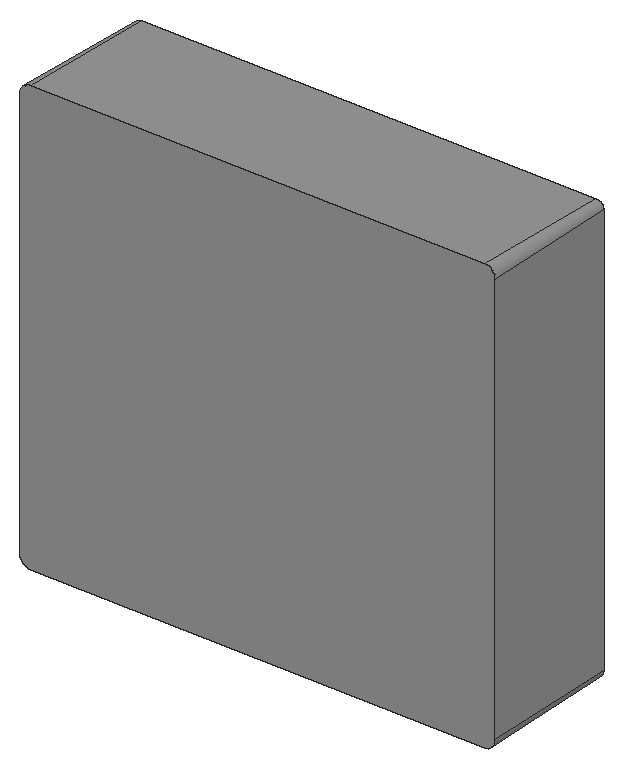
Revit family "L&L_LUCE&LIGHT_PASITO_1.2", category Lighting Fixtures, host Wall, Revit 2018 (continued)
Types (2, lengths in mm): name | Photometric Web File | built-in parameter 1150142
    .36 14.00 13.65 13.28 12.90 \r\n12.48 12.11 11.74 11.33 10.92 10.51 10.12 9.70 9.23 8.85 \r\n8.45 8.04 7.60 7.17 6.78 6.42 6.05 5.65 5.25 4.90 4.56 \r\n4.19 3.83 3.52 3.21 2.93 2.66 2.40 2.14 1.89 1.66 1.44 \r\n1.20 0.98 0.79 0.60 0.42 0.24 0.10 0.02 \r\n0.14 0.14 0.40 1.09 1.86 2.32 2.52 2.70 3.03 3.50 3.97 \r\n4.50 5.11 5.82 6.60 7.51 8.38 9.87 21.46 46.49 67.64 \r\n74.41 78.35 82.03 84.73 86.84 87.45 87.56 87.84 88.40 \r\n89.94 92.73 95.67 98.25 101.05 103.76 106.03 108.07 \r\n109.80 111.49 112.98 113.78 114.41 115.78 117.76 119.53 \r\n121.22 123.14 124.86 126.17 127.51 129.19 130.86 132.21 \r\n133.25 134.10 135.09 136.48 138.28 140.29 142.20 143.93 \r\n145.70 147.52 149.31 151.03 152.48 153.67 154.76 155.77 \r\n156.61 157.32 158.22 159.46 160.69 160.23 156.22 147.28 \r\n132.68 113.55 91.76 69.49 49.26 33.34 25.13 22.66 21.30 \r\n20.23 20.15 20.08 20.00 19.97 19.93 19.89 19.87 19.85 \r\n19.83 19.80 19.78 19.77 19.75 19.74 19.73 19.72 19.72 \r\n19.72 19.72 19.71 19.70 19.67 19.64 19.63 19.63 19.63 \r\n19.60 19.50 19.35 19.15 18.94 18.71 18.48 18.25 18.02 \r\n17.77 17.51 17.24 16.95 16.67 16.42 16.11 15.76 15.40 \r\n15.08 14.78 14.41 14.06 13.70 13.36 13.01 12.58 12.21 \r\n11.85 11.46 11.11 10.73 10.30 9.91 9.48 9.09 8.70 8.27 \r\n7.87 7.49 7.11 6.74 6.39 6.01 5.62 5.24 4.91 4.57 4.20 \r\n3.86 3.56 3.26 2.97 2.72 2.47 2.22 1.98 1.75 1.55 1.34 \r\n1.12 0.92 0.74 0.57 0.39 0.22 0.09 0.02 \r\n0.14 0.14 0.35 0.93 1.67 2.22 2.46 2.61 2.84 3.22 3.67 \r\n4.14 4.64 5.23 5.93 6.65 7.51 8.33 9.57 16.74 37.84 62.54 \r\n75.59 79.17 82.35 85.28 87.64 89.31 90.17 90.78 91.19 \r\n91.81 93.51 96.57 99.72 102.55 105.67 108.82 111.54 \r\n113.94 115.99 117.91 119.93 121.47 122.45 123.80 126.14 \r\n128.67 131.01 133.28 135.59 137.75 139.72 141.76 143.98 \r\n146.08 147.94 149.73 151.61 153.64 155.89 158.36 160.99 \r\n163.70 166.41 168.86 170.99 172.91 174.70 176.27 177.66 \r\n178.90 180.04 181.09 181.77 181.45 179.11 173.20 162.47 \r\n146.39 125.04 100.48 76.01 54.79 39.05 28.63 22.57 20.73 \r\n20.46 20.20 19.94 19.87 19.79 19.71 19.64 19.58 19.53 \r\n19.50 19.47 19.44 19.40 19.37 19.33 19.30 19.28 19.26 \r\n19.23 19.21 19.18 19.16 19.16 19.16 19.13 19.07 18.95 \r\n18.77 18.57 18.36 18.14 17.92 17.69 17.47 17.22 16.95 \r\n16.68 16.43 16.16 15.88 15.57 15.23 14.91 14.62 14.28 \r\n13.90 13.56 13.25 12.87 12.51 12.17 11.80 11.45 11.10 \r\n10.71 10.35 9.96 9.52 9.16 8.82 8.41 8.00 7.62 7.26 6.90 \r\n6.54 6.19 5.83 5.47 5.15 4.83 4.49 4.14 3.83 3.54 3.25 \r\n2.98 2.72 2.48 2.25 2.02 1.80 1.61 1.43 1.23 1.03 0.86 \r\n0.69 0.52 0.35 0.20 0.08 0.02 \r\n0.14 0.14 0.30 0.77 1.45 2.04 2.36 2.52 2.69 2.95 3.32 \r\n3.75 4.21 4.69 5.23 5.88 6.55 7.29 8.19 9.11 10.77 20.85 \r\n44.81 66.58 76.90 81.08 84.16 86.98 89.57 91.60 92.94 \r\n94.27 95.49 96.28 97.79 100.58 104.05 107.52 110.87 \r\n114.25 117.63 120.68 123.31 125.73 128.35 131.25 133.81 \r\n135.86 138.13 141.01 144.12 146.85 149.27 151.77 154.44 \r\n157.18 159.91 162.56 165.04 167.30 169.42 171.63 174.15 \r\n177.03 180.22 183.68 187.36 190.99 194.33 197.04 198.91 \r\n199.87 200.26 200.54 201.18 202.14 203.27 201.80 196.26 \r\n184.52 166.72 143.88 117.87 90.60 64.69 42.54 26.68 23.51 \r\n22.23 21.00 19.79 19.67 19.54 19.41 19.29 19.22 19.14 \r\n19.05 18.98 18.93 18.88 18.82 18.76 18.70 18.66 18.63 \r\n18.60 18.57 18.55 18.52 18.48 18.42 18.32 18.19 18.03 \r\n17.84 17.64 17.42 17.20 16.98 16.75 16.51 16.26 16.00 \r\n15.74 15.46 15.16 14.84 14.54 14.23 13.90 13.56 13.26 \r\n12.94 12.56 12.19 11.88 11.58 11.22 10.85 10.52 10.18 \r\n9.77 9.38 9.05 8.70 8.31 7.93 7.59 7.26 6.92 6.57 6.24 \r\n5.91 5.57 5.26 4.96 4.64 4.31 4.01 3.73 3.46 3.18 2.93 \r\n2.69 2.45 2.22 2.00 1.80 1.63 1.46 1.28 1.10 0.94 0.79 \r\n0.63 0.47 0.32 0.18 0.08 0.02 \r\n0.14 0.13 0.24 0.62 1.20 1.80 2.22 2.43 2.57 2.74 2.99 \r\n3.33 3.73 4.16 4.61 5.11 5.69 6.31 6.90 7.62 8.67 9.58 \r\n11.58 14.34 35.18 61.64 76.29 81.73 85.46 88.99 91.82 \r\n94.22 96.40 98.42 100.35 101.74 102.76 104.71 108.12 \r\n112.20 116.28 120.36 124.54 128.65 132.55 136.04 139.16 \r\n142.23 145.45 148.67 151.62 154.27 157.00 159.95 162.88 \r\n165.65 168.52 171.67 175.01 178.40 181.64 184.76 187.85 \r\n191.05 194.40 197.87 201.59 205.59 209.82 214.06 217.98 \r\n221.26 223.79 225.64 226.89 227.60 227.45 226.01 222.86 \r\n216.73 206.11 189.53 165.51 134.90 101.58 70.25 46.06 \r\n34.70 27.10 22.39 19.45 19.27 19.09 18.90 18.71 18.59 \r\n18.48 18.36 18.24 18.16 18.09 18.02 17.95 17.89 17.84 \r\n17.80 17.75 17.70 17.67 17.63 17.57 17.48 17.33 17.15 \r\n16.95 16.74 16.52 16.30 16.08 15.86 15.62 15.37 15.09 \r\n14.81 14.52 14.23 13.94 13.63 13.32 13.02 12.71 12.38 \r\n12.05 11.73 11.43 11.12 10.81 10.47 10.09 9.71 9.38 9.09 \r\n8.76 8.40 8.04 7.71 7.39 7.06 6.77 6.47 6.15 5.82 5.52 \r\n5.23 4.94 4.63 4.32 4.04 3.79 3.54 3.28 3.05 2.82 2.59 \r\n2.36 2.15 1.95 1.76 1.60 1.44 1.28 1.12 0.98 0.85 0.71 \r\n0.56 0.42 0.28 0.16 0.07 0.02 \r\n0.14 0.13 0.18 0.45 0.92 1.48 1.97 2.29 2.45 2.58 2.73 \r\n2.95 3.25 3.60 3.98 4.38 4.81 5.31 5.87 6.46 7.02 7.54 \r\n8.32 9.48 10.37 12.47 19.24 34.75 59.40 79.47 87.46 89.98 \r\n92.71 95.80 98.88 101.87 104.77 107.43 109.70 111.55 \r\n113.70 116.95 121.45 126.53 131.30 135.63 139.69 143.67 \r\n147.47 151.10 154.68 158.30 161.99 165.73 169.27 172.59 \r\n175.83 179.20 182.86 186.79 190.98 195.35 199.81 204.26 \r\n208.60 212.88 217.16 221.60 226.34 231.47 236.83 242.22 \r\n247.32 251.94 256.06 259.87 263.63 267.59 271.37 272.75 \r\n269.16 257.46 235.80 205.50 170.04 133.41 99.43 70.66 \r\n47.81 30.76 19.58 19.18 18.78 18.38 17.97 17.74 17.59 \r\n17.45 17.30 17.12 16.95 16.87 16.83 16.83 16.80 16.76 \r\n16.73 16.69 16.60 16.46 16.32 16.17 16.00 15.81 15.61 \r\n15.39 15.17 14.94 14.70 14.46 14.20 13.93 13.66 13.39 \r\n13.10 12.81 12.51 12.21 11.92 11.62 11.31 11.01 10.71 \r\n10.41 10.10 9.78 9.45 9.14 8.83 8.50 8.18 7.86 7.56 7.26 \r\n6.98 6.71 6.42 6.12 5.83 5.57 5.30 5.01 4.73 4.45 4.19 \r\n3.95 3.71 3.47 3.25 3.05 2.84 2.63 2.42 2.22 2.03 1.85 \r\n1.69 1.54 1.39 1.23 1.09 0.97 0.86 0.74 0.61 0.49 0.36 \r\n0.24 0.14 0.06 0.02 \r\n0.14 0.13 0.17 0.34 0.66 1.09 1.56 1.96 2.24 2.43 2.56 \r\n2.69 2.85 3.08 3.37 3.70 4.04 4.39 4.77 5.20 5.68 6.18 \r\n6.72 7.28 7.85 8.50 9.21 9.97 11.05 12.61 20.95 38.83 \r\n62.79 80.54 90.93 96.25 99.45 103.07 107.12 111.25 115.26 \r\n119.03 122.14 124.78 127.30 130.14 133.68 137.89 142.55 \r\n146.94 150.93 154.81 158.96 163.62 168.69 173.80 178.98 \r\n184.15 189.39 194.66 199.57 204.08 208.38 212.88 217.75 \r\n222.87 228.32 234.04 240.21 247.03 254.54 262.85 272.05 \r\n282.11 292.84 303.93 315.16 326.27 336.40 344.24 348.34 \r\n347.12 339.19 323.22 298.12 263.02 216.98 163.73 109.88 \r\n61.88 26.07 24.09 22.11 20.12 18.09 16.89 16.67 16.45 \r\n16.23 16.01 15.92 15.83 15.74 15.65 15.56 15.47 15.37 \r\n15.27 15.16 14.94 14.74 14.56 14.40 14.23 14.04 13.82 \r\n13.59 13.34 13.08 12.81 12.55 12.29 12.02 11.74 11.45 \r\n11.17 10.89 10.61 10.32 10.02 9.72 9.43 9.14 8.86 8.57 \r\n8.28 7.99 7.71 7.44 7.19 6.92 6.66 6.38 6.10 5.85 5.61 \r\n5.37 5.11 4.85 4.61 4.38 4.15 3.92 3.71 3.49 3.29 3.11 \r\n2.92 2.73 2.54 2.35 2.18 2.02 1.86 1.71 1.57 1.43 1.28 \r\n1.14 1.02 0.92 0.82 0.72 0.62 0.51 0.41 0.30 0.21 0.12 \r\n0.06 0.02 \r\n0.14 0.13 0.16 0.22 0.43 0.72 1.07 1.44 1.78 2.09 2.31 \r\n2.47 2.61 2.73 2.88 3.05 3.28 3.55 3.84 4.14 4.45 4.79 \r\n5.17 5.58 6.01 6.47 6.97 7.48 7.97 8.48 9.13 9.92 10.85 \r\n11.82 13.29 19.34 31.07 50.93 73.01 91.92 103.79 110.53 \r\n114.24 117.68 121.57 125.48 129.15 132.58 135.58 138.50 \r\n141.42 144.86 148.65 152.71 157.06 161.84 167.08 172.65 \r\n178.70 185.27 192.39 200.13 208.38 216.90 225.46 233.61 \r\n241.00 247.62 253.99 261.21 270.47 282.64 298.22 316.51 \r\n336.14 355.80 374.37 391.73 410.20 432.21 459.60 493.99 \r\n531.24 559.90 568.72 547.02 486.53 394.64 288.14 183.75 \r\n98.00 64.84 42.19 27.74 19.20 15.45 15.26 15.07 14.88 \r\n14.69 14.56 14.46 14.36 14.25 14.15 13.99 13.82 13.64 \r\n13.46 13.26 12.97 12.73 12.53 12.37 12.18 11.94 11.69 \r\n11.43 11.17 10.91 10.66 10.40 10.14 9.87 9.60 9.33 9.06 \r\n8.79 8.53 8.26 8.00 7.73 7.48 7.23 6.99 6.74 6.49 6.25 \r\n6.01 5.79 5.56 5.33 5.10 4.87 4.64 4.43 4.23 4.04 3.85 \r\n3.66 3.48 3.30 3.13 2.96 2.79 2.62 2.46 2.31 2.17 2.03 \r\n1.89 1.75 1.62 1.50 1.38 1.25 1.13 1.02 0.92 0.83 0.75 \r\n0.66 0.58 0.49 0.41 0.33 0.25 0.17 0.10 0.05 0.02 \r\n0.14 0.13 0.14 0.18 0.25 0.41 0.60 0.84 1.09 1.37 1.65 \r\n1.93 2.19 2.39 2.56 2.68 2.80 2.91 3.03 3.17 3.35 3.57 \r\n3.81 4.09 4.37 4.68 5.00 5.34 5.69 6.04 6.42 6.85 7.30 \r\n7.74 8.14 8.52 9.02 9.54 10.12 10.74 11.39 12.01 12.48 \r\n16.16 18.59 19.07 17.91 16.23 18.88 22.23 20.67 19.75 \r\n21.44 20.56 24.45 30.24 33.07 36.53 42.03 46.68 50.98 \r\n59.62 71.03 81.44 91.48 102.28 114.79 129.59 146.12 \r\n165.74 188.85 216.41 248.40 284.37 324.39 369.05 415.66 \r\n464.33 513.42 559.23 597.78 624.99 637.65 632.79 607.10 \r\n556.96 480.39 384.56 281.37 183.33 103.17 64.19 39.34 \r\n25.13 17.71 13.90 13.72 13.53 13.34 13.15 12.96 12.78 \r\n12.62 12.49 12.37 12.23 12.04 11.82 11.58 11.35 11.07 \r\n10.80 10.54 10.29 10.04 9.78 9.52 9.24 8.97 8.70 8.44 \r\n8.18 7.93 7.68 7.43 7.20 6.98 6.76 6.54 6.33 6.11 5.90 \r\n5.68 5.48 5.28 5.08 4.89 4.70 4.51 4.33 4.15 3.98 3.82 \r\n3.66 3.51 3.36 3.21 3.06 2.92 2.78 2.64 2.50 2.37 2.25 \r\n2.13 2.00 1.88 1.76 1.64 1.53 1.43 1.33 1.23 1.13 1.04 \r\n0.95 0.87 0.78 0.70 0.63 0.56 0.49 0.43 0.37 0.32 0.26 \r\n0.20 0.13 0.08 0.04 0.02 \r\n0.14 0.14 0.14 0.15 0.18 0.22 0.27 0.37 0.47 0.58 0.74 \r\n0.90 1.09 1.32 1.56 1.79 2.02 2.25 2.43 2.57 2.71 2.84 \r\n2.94 3.05 3.16 3.29 3.43 3.58 3.75 3.93 4.11 4.34 4.58 \r\n4.83 5.09 5.36 5.63 5.92 6.21 6.50 6.79 7.07 7.33 7.61 \r\n7.90 8.23 8.58 8.93 9.26 9.56 9.86 10.17 10.50 10.82 \r\n11.15 11.47 11.78 12.07 12.36 12.61 12.85 13.06 13.24 \r\n13.41 13.55 13.68 13.79 13.89 13.99 14.07 14.14 14.19 \r\n14.22 14.24 14.25 14.24 14.23 14.22 14.20 14.17 14.12 \r\n14.06 13.97 13.88 13.77 13.66 13.54 13.42 13.29 13.16 \r\n13.03 12.80 12.54 12.26 11.99 11.75 11.55 11.39 11.24 \r\n11.10 10.95 10.78 10.59 10.37 10.13 9.87 9.59 9.30 9.01 \r\n8.71 8.42 8.14 7.86 7.59 7.32 7.07 6.82 6.59 6.37 6.17 \r\n5.97 5.77 5.58 5.39 5.20 5.01 4.83 4.66 4.50 4.34 4.19 \r\n4.04 3.90 3.76 3.63 3.50 3.36 3.23 3.10 2.97 2.85 2.74 \r\n2.63 2.53 2.43 2.32 2.21 2.11 2.01 1.91 1.82 1.73 1.64 \r\n1.55 1.47 1.39 1.31 1.23 1.14 1.06 0.98 0.91 0.85 0.78 \r\n0.72 0.65 0.59 0.53 0.47 0.42 0.38 0.34 0.30 0.27 0.23 \r\n0.19 0.15 0.10 0.06 0.04 0.02 \r\n0.14 0.14 0.14 0.14 0.15 0.16 0.17 0.18 0.19 0.20 0.21 \r\n0.23 0.28 0.34 0.41 0.48 0.56 0.63 0.73 0.85 0.97 1.09 \r\n1.22 1.34 1.47 1.59 1.71 1.83 1.95 2.07 2.19 2.32 2.45 \r\n2.58 2.71 2.84 2.97 3.10 3.21 3.33 3.46 3.60 3.75 3.90 \r\n4.06 4.21 4.35 4.50 4.65 4.80 4.97 5.15 5.35 5.56 5.78 \r\n6.02 6.26 6.51 6.76 7.00 7.24 7.47 7.68 7.88 8.08 8.25 \r\n8.39 8.53 8.66 8.77 8.86 8.92 8.97 9.01 9.04 9.07 9.10 \r\n9.13 9.16 9.18 9.19 9.19 9.17 9.14 9.09 9.03 8.96 8.88 \r\n8.79 8.70 8.61 8.53 8.46 8.38 8.29 8.19 8.07 7.94 7.78 \r\n7.59 7.38 7.13 6.88 6.61 6.34 6.08 5.84 5.61 5.40 5.19 \r\n4.98 4.78 4.58 4.39 4.21 4.04 3.88 3.73 3.60 3.47 3.35 \r\n3.23 3.12 3.02 2.92 2.83 2.74 2.65 2.56 2.47 2.38 2.29 \r\n2.21 2.13 2.06 1.98 1.91 1.85 1.78 1.71 1.64 1.57 1.51 \r\n1.44 1.38 1.32 1.26 1.21 1.15 1.10 1.04 0.99 0.94 0.89 \r\n0.84 0.79 0.74 0.69 0.65 0.60 0.56 0.51 0.47 0.43 0.40 \r\n0.36 0.33 0.29 0.26 0.24 0.22 0.20 0.18 0.16 0.14 0.13 \r\n0.10 0.07 0.05 0.03 0.02 \r\n0.14 0.14 0.13 0.13 0.13 0.13 0.13 0.13 0.14 0.14 0.15 \r\n0.15 0.16 0.17 0.17 0.18 0.19 0.20 0.21 0.22 0.22 0.23 \r\n0.24 0.25 0.26 0.27 0.28 0.29 0.30 0.31 0.32 0.33 0.34 \r\n0.36 0.37 0.38 0.39 0.40 0.41 0.42 0.43 0.44 0.46 0.47 \r\n0.48 0.49 0.50 0.51 0.52 0.53 0.54 0.55 0.56 0.57 0.58 \r\n0.59 0.60 0.61 0.62 0.63 0.64 0.65 0.66 0.67 0.68 0.69 \r\n0.70 0.71 0.71 0.72 0.73 0.74 0.75 0.76 0.76 0.77 0.78 \r\n0.79 0.79 0.80 0.81 0.82 0.83 0.83 0.84 0.85 0.86 0.86 \r\n0.87 0.88 0.88 0.89 0.89 0.90 0.90 0.90 0.91 0.91 0.91 \r\n0.91 0.91 0.91 0.91 0.91 0.91 0.90 0.90 0.90 0.89 0.88 \r\n0.88 0.87 0.86 0.85 0.84 0.83 0.82 0.81 0.80 0.79 0.78 \r\n0.77 0.77 0.76 0.75 0.74 0.73 0.72 0.71 0.70 0.69 0.68 \r\n0.67 0.65 0.64 0.62 0.61 0.59 0.58 0.56 0.55 0.53 0.51 \r\n0.49 0.48 0.46 0.44 0.42 0.40 0.39 0.37 0.35 0.33 0.32 \r\n0.30 0.28 0.27 0.25 0.23 0.22 0.20 0.19 0.18 0.16 0.15 \r\n0.13 0.12 0.11 0.09 0.08 0.08 0.08 0.07 0.07 0.07 0.07 \r\n0.06 0.05 0.03 0.02 0.02 \r\n"
